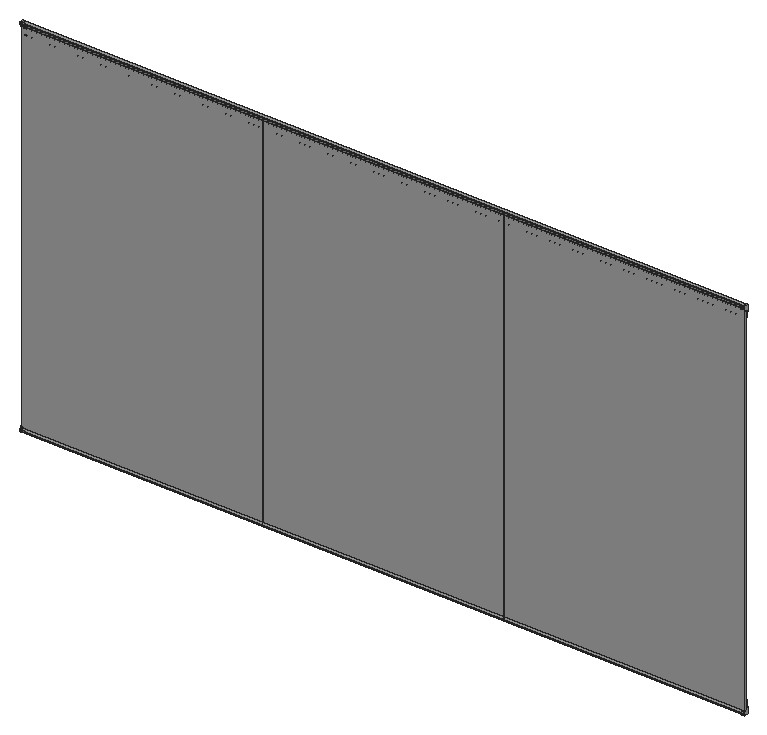
Revit family "Unity Glass Wall 6x12", category Generic Models, Revit 2018
Family settings
  Can host rebar = No
  Round Connector Dimension = Use Diameter
  Part Type = Normal
  Work Plane-Based = No
  Always vertical = Yes
  Cut with Voids When Loaded = No
  Shared = No
  Room Calculation Point = No
Parameters
  Panel #3 = Unity Glass Wall 6x12 Panel #3
  Panel #2 = Unity Glass Wall 6x12 Panel #2
  Panel #1 = Unity Glass Wall 6x12 Panel #1
Reference planes (in)
  plane 1 "Center (Front/Back)": y = 0
  plane 2: z = 0
  plane 3 "Center (Left/Right)": x = 0
Forms (in)
  Extrusion 1, solid, material "Unity Glass Wall Trim Metal"
    sketch origin (-70.86614, 0, 0.36763) x (0, 1, 0) y (0, 0, 1)
      loop
        line (0, 83.30899) -> (-0.645, 83.30899)
        arc (-0.645, 83.30899) -> (-0.70034, 83.28391) -> (-0.71795, 83.22577) r 0.07358
        arc (-0.71795, 83.22577) -> (-0.66251, 82.98163) -> (-0.5634, 82.75172) r 1.36464
        arc (-0.5634, 82.75172) -> (-0.54859, 82.73439) -> (-0.52802, 82.72453) r 0.05514
        line (-0.52802, 82.72453) -> (-0.48302, 82.72453) -> (-0.48302, 82.77531) -> (-0.51842, 82.77531)
        arc (-0.51842, 82.77531) -> (-0.6141, 82.99698) -> (-0.66761, 83.23242) r 1.31386
        arc (-0.66761, 83.23242) -> (-0.66215, 83.25044) -> (-0.645, 83.25821) r 0.0228
        line (-0.645, 83.25821) -> (-0.05078, 83.25821) -> (-0.05078, 82.12852) -> (-0.118, 82.19574) -> (-0.118, 82.45703) -> (-0.166, 82.45703) -> (-0.166, 82.19574)
        arc (-0.166, 82.19574) -> (-0.16235, 82.17737) -> (-0.15194, 82.1618) r 0.048
        line (-0.15194, 82.1618) -> (-0.1, 82.10985) -> (-0.1, 81.00078)
        arc (-0.1, 81.00078) -> (-0.05, 80.95078) -> (0, 81.00078) r 0.05
        line (0, 81.00078) -> (0, 83.30899)
    from 0.2 to 141.53228
  Extrusion 2, solid, material "Unity Glass Wall 6x12 Panel #1" <- "Panel #1"
    sketch origin (-70.86614, 0, 0.63581) x (0, 1, 0) y (0, 0, 1)
      loop
        line (-0.48802, 11.58341) -> (-0.28802, 11.58341) -> (-0.28802, 82.8216) -> (-0.48802, 82.8216) -> (-0.48802, 11.58341)
    from 0 to 47.24409
  Extrusion 3, solid, material "Unity Glass Wall Trim Metal"
    sketch origin (-23.62205, 0, 0.36763) x (0, 1, 0) y (0, 0, 1)
      loop
        line (0, 83.35978) -> (-0.645, 83.35978)
        arc (-0.645, 83.35978) -> (-0.73852, 83.31739) -> (-0.76829, 83.21911) r 0.12436
        arc (-0.76829, 83.21911) -> (-0.55414, 82.63679) -> (-0.11151, 82.20201) r 1.41542
        arc (-0.11151, 82.20201) -> (-0.09645, 82.19579) -> (-0.08019, 82.19478) r 0.04981
        line (-0.08019, 82.19478) -> (0, 82.19478) -> (0, 83.35978)
    from -47.24409 to -47.34409
  Extrusion 4, solid, material "Unity Glass Wall Trim Metal"
    sketch origin (-118.11024, 0, 0.36763) x (0, 1, 0) y (0, 0, -1)
      loop
        line (0, -83.35978) -> (0, -81.00078)
        arc (0, -81.00078) -> (-0.05, -80.95078) -> (-0.1, -81.00078) r 0.05
        line (-0.1, -81.00078) -> (-0.1, -82.10985) -> (-0.15194, -82.1618)
        arc (-0.15194, -82.1618) -> (-0.16235, -82.17737) -> (-0.166, -82.19574) r 0.048
        line (-0.166, -82.19574) -> (-0.166, -82.45703) -> (-0.118, -82.45703) -> (-0.118, -82.19574) -> (-0.048, -82.12574) -> (-0.048, -83.30899) -> (-0.645, -83.30899)
        arc (-0.645, -83.30899) -> (-0.70034, -83.28391) -> (-0.71795, -83.22577) r 0.07358
        arc (-0.71795, -83.22577) -> (-0.66202, -82.98012) -> (-0.56188, -82.74894) r 1.36464
        arc (-0.56188, -82.74894) -> (-0.5474, -82.73362) -> (-0.52802, -82.72531) r 0.05198
        line (-0.52802, -82.72531) -> (-0.48302, -82.72531) -> (-0.48302, -82.67453) -> (-0.5309, -82.67453)
        arc (-0.5309, -82.67453) -> (-0.56773, -82.68318) -> (-0.59684, -82.70734) r 0.08265
        arc (-0.59684, -82.70734) -> (-0.70718, -82.95498) -> (-0.76829, -83.21911) r 1.41542
        arc (-0.76829, -83.21911) -> (-0.73852, -83.31739) -> (-0.645, -83.35978) r 0.12436
        line (-0.645, -83.35978) -> (0, -83.35978)
    from -47.24409 to -47.44409
  Extrusion 5, solid, material "Unity Glass Wall Trim Metal"
    sketch origin (-70.86614, 0, 95.30899) x (0, 1, 0) y (0, 0, 1)
      loop
        line (0, -83.30899) -> (0, -81.00078)
        arc (0, -81.00078) -> (-0.05, -80.95078) -> (-0.1, -81.00078) r 0.05
        line (-0.1, -81.00078) -> (-0.1, -82.10985) -> (-0.15194, -82.1618)
        arc (-0.15194, -82.1618) -> (-0.16235, -82.17737) -> (-0.166, -82.19574) r 0.048
        line (-0.166, -82.19574) -> (-0.166, -82.45703) -> (-0.118, -82.45703) -> (-0.118, -82.19574) -> (-0.05078, -82.12852) -> (-0.05078, -83.25821) -> (-0.645, -83.25821)
        arc (-0.645, -83.25821) -> (-0.66215, -83.25044) -> (-0.66761, -83.23242) r 0.0228
        arc (-0.66761, -83.23242) -> (-0.6141, -82.99698) -> (-0.51842, -82.77531) r 1.31386
        line (-0.51842, -82.77531) -> (-0.48302, -82.77531) -> (-0.48302, -82.72453) -> (-0.52802, -82.72453)
        arc (-0.52802, -82.72453) -> (-0.54859, -82.73439) -> (-0.5634, -82.75172) r 0.05514
        arc (-0.5634, -82.75172) -> (-0.66251, -82.98163) -> (-0.71795, -83.22577) r 1.36464
        arc (-0.71795, -83.22577) -> (-0.70034, -83.28391) -> (-0.645, -83.30899) r 0.07358
        line (-0.645, -83.30899) -> (0, -83.30899)
    from 0.2 to 141.53228
  Extrusion 6, solid, material "Unity Glass Wall Trim Metal"
    sketch origin (-23.62205, 0, 95.30899) x (0, 1, 0) y (0, 0, 1)
      loop
        line (0, -83.35978) -> (0, -82.19478) -> (-0.08019, -82.19478)
        arc (-0.08019, -82.19478) -> (-0.09645, -82.19579) -> (-0.11151, -82.20201) r 0.04981
        arc (-0.11151, -82.20201) -> (-0.55414, -82.63679) -> (-0.76829, -83.21911) r 1.41542
        arc (-0.76829, -83.21911) -> (-0.73852, -83.31739) -> (-0.645, -83.35978) r 0.12436
        line (-0.645, -83.35978) -> (0, -83.35978)
    from -47.24409 to -47.34409
  Extrusion 7, solid, material "Unity Glass Wall Trim Metal"
    sketch origin (-118.11024, 0, 95.30899) x (0, 1, 0) y (0, 0, -1)
      loop
        line (0, 83.35978) -> (-0.645, 83.35978)
        arc (-0.645, 83.35978) -> (-0.73852, 83.31739) -> (-0.76829, 83.21911) r 0.12436
        arc (-0.76829, 83.21911) -> (-0.70718, 82.95498) -> (-0.59684, 82.70734) r 1.41542
        arc (-0.59684, 82.70734) -> (-0.56773, 82.68318) -> (-0.5309, 82.67453) r 0.08265
        line (-0.5309, 82.67453) -> (-0.48302, 82.67453) -> (-0.48302, 82.72531) -> (-0.52802, 82.72531)
        arc (-0.52802, 82.72531) -> (-0.5474, 82.73362) -> (-0.56188, 82.74894) r 0.05198
        arc (-0.56188, 82.74894) -> (-0.66202, 82.98012) -> (-0.71795, 83.22577) r 1.36464
        arc (-0.71795, 83.22577) -> (-0.70034, 83.28391) -> (-0.645, 83.30899) r 0.07358
        line (-0.645, 83.30899) -> (-0.048, 83.30899) -> (-0.048, 82.12574) -> (-0.118, 82.19574) -> (-0.118, 82.45703) -> (-0.166, 82.45703) -> (-0.166, 82.19574)
        arc (-0.166, 82.19574) -> (-0.16235, 82.17737) -> (-0.15194, 82.1618) r 0.048
        line (-0.15194, 82.1618) -> (-0.1, 82.10985) -> (-0.1, 81.00078)
        arc (-0.1, 81.00078) -> (-0.05, 80.95078) -> (0, 81.00078) r 0.05
        line (0, 81.00078) -> (0, 83.35978)
    from -47.24409 to -47.44409
  Extrusion 8, solid, material "Unity Glass Wall 6x12 Panel #2" <- "Panel #2"
    sketch origin (-23.62205, 0, 0.63581) x (0, 1, 0) y (0, 0, 1)
      loop
        line (-0.48802, 11.58341) -> (-0.28802, 11.58341) -> (-0.28802, 82.8216) -> (-0.48802, 82.8216) -> (-0.48802, 11.58341)
    from 0 to 47.24409
  Extrusion 9, solid, material "Unity Glass Wall Trim Metal"
    sketch origin (23.62205, 0, 0.36763) x (0, 1, 0) y (0, 0, -1)
      loop
        line (0, -83.35978) -> (0, -82.19478) -> (-0.08019, -82.19478)
        arc (-0.08019, -82.19478) -> (-0.09645, -82.19579) -> (-0.11151, -82.20201) r 0.04981
        arc (-0.11151, -82.20201) -> (-0.55414, -82.63679) -> (-0.76829, -83.21911) r 1.41542
        arc (-0.76829, -83.21911) -> (-0.73852, -83.31739) -> (-0.645, -83.35978) r 0.12436
        line (-0.645, -83.35978) -> (0, -83.35978)
    from -47.24409 to -47.34409
  Extrusion 10, solid, material "Unity Glass Wall Trim Metal"
    sketch origin (118.11024, 0, 0.36763) x (0, 1, 0) y (0, 0, 1)
      loop
        line (0, 83.35978) -> (-0.645, 83.35978)
        arc (-0.645, 83.35978) -> (-0.73852, 83.31739) -> (-0.76829, 83.21911) r 0.12436
        arc (-0.76829, 83.21911) -> (-0.70718, 82.95498) -> (-0.59684, 82.70734) r 1.41542
        arc (-0.59684, 82.70734) -> (-0.56773, 82.68318) -> (-0.5309, 82.67453) r 0.08265
        line (-0.5309, 82.67453) -> (-0.48302, 82.67453) -> (-0.48302, 82.72531) -> (-0.52802, 82.72531)
        arc (-0.52802, 82.72531) -> (-0.5474, 82.73362) -> (-0.56188, 82.74894) r 0.05198
        arc (-0.56188, 82.74894) -> (-0.66202, 82.98012) -> (-0.71795, 83.22577) r 1.36464
        arc (-0.71795, 83.22577) -> (-0.70034, 83.28391) -> (-0.645, 83.30899) r 0.07358
        line (-0.645, 83.30899) -> (-0.048, 83.30899) -> (-0.048, 82.12574) -> (-0.118, 82.19574) -> (-0.118, 82.45703) -> (-0.166, 82.45703) -> (-0.166, 82.19574)
        arc (-0.166, 82.19574) -> (-0.16235, 82.17737) -> (-0.15194, 82.1618) r 0.048
        line (-0.15194, 82.1618) -> (-0.1, 82.10985) -> (-0.1, 81.00078)
        arc (-0.1, 81.00078) -> (-0.05, 80.95078) -> (0, 81.00078) r 0.05
        line (0, 81.00078) -> (0, 83.35978)
    from -47.24409 to -47.44409
  Extrusion 11, solid, material "Unity Glass Wall Trim Metal"
    sketch origin (23.62205, 0, 95.30899) x (0, 1, 0) y (0, 0, -1)
      loop
        line (0, 83.35978) -> (-0.645, 83.35978)
        arc (-0.645, 83.35978) -> (-0.73852, 83.31739) -> (-0.76829, 83.21911) r 0.12436
        arc (-0.76829, 83.21911) -> (-0.55414, 82.63679) -> (-0.11151, 82.20201) r 1.41542
        arc (-0.11151, 82.20201) -> (-0.09645, 82.19579) -> (-0.08019, 82.19478) r 0.04981
        line (-0.08019, 82.19478) -> (0, 82.19478) -> (0, 83.35978)
    from -47.24409 to -47.34409
  Extrusion 12, solid, material "Unity Glass Wall Trim Metal"
    sketch origin (118.11024, 0, 95.30899) x (0, 1, 0) y (0, 0, 1)
      loop
        line (0, -83.35978) -> (0, -81.00078)
        arc (0, -81.00078) -> (-0.05, -80.95078) -> (-0.1, -81.00078) r 0.05
        line (-0.1, -81.00078) -> (-0.1, -82.10985) -> (-0.15194, -82.1618)
        arc (-0.15194, -82.1618) -> (-0.16235, -82.17737) -> (-0.166, -82.19574) r 0.048
        line (-0.166, -82.19574) -> (-0.166, -82.45703) -> (-0.118, -82.45703) -> (-0.118, -82.19574) -> (-0.048, -82.12574) -> (-0.048, -83.30899) -> (-0.645, -83.30899)
        arc (-0.645, -83.30899) -> (-0.70034, -83.28391) -> (-0.71795, -83.22577) r 0.07358
        arc (-0.71795, -83.22577) -> (-0.66202, -82.98012) -> (-0.56188, -82.74894) r 1.36464
        arc (-0.56188, -82.74894) -> (-0.5474, -82.73362) -> (-0.52802, -82.72531) r 0.05198
        line (-0.52802, -82.72531) -> (-0.48302, -82.72531) -> (-0.48302, -82.67453) -> (-0.5309, -82.67453)
        arc (-0.5309, -82.67453) -> (-0.56773, -82.68318) -> (-0.59684, -82.70734) r 0.08265
        arc (-0.59684, -82.70734) -> (-0.70718, -82.95498) -> (-0.76829, -83.21911) r 1.41542
        arc (-0.76829, -83.21911) -> (-0.73852, -83.31739) -> (-0.645, -83.35978) r 0.12436
        line (-0.645, -83.35978) -> (0, -83.35978)
    from -47.24409 to -47.44409
  Extrusion 13, solid, material "Unity Glass Wall 6x12 Panel #3" <- "Panel #3"
    sketch origin (70.86614, 0, 0.63581) x (0, 1, 0) y (0, 0, -1)
      loop
        line (-0.48802, -11.58341) -> (-0.48802, -82.8216) -> (-0.28802, -82.8216) -> (-0.28802, -11.58341) -> (-0.48802, -11.58341)
    from 0 to 47.24409
Dimensions and locks (in)
  aligned and locked: plane 2 to level
